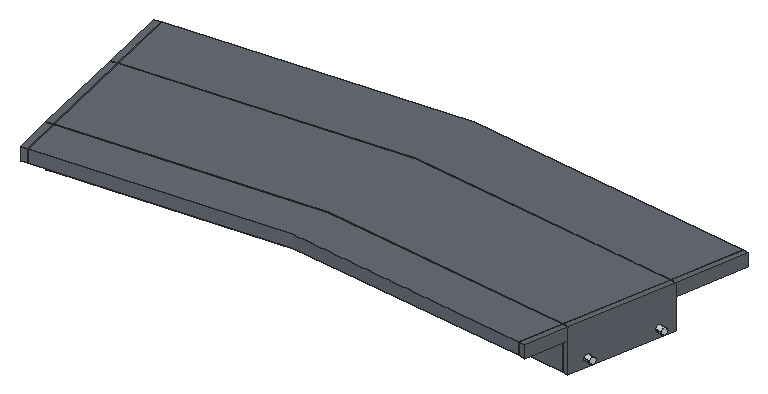
Revit family
Parameters (values of type "PL07 08 5/3")
  Inner Side = 144 mm
  Width = 397 mm
  URL = "http://www.meinertz.com/pictures_org/prodk.pdf"
  Thermal Performance Index = 8
  Thermal Performance Constant = if(Thermal Performance Index = 3, 145, if(Thermal Performance Index = 4, 191, if(Thermal Performance Index = 5, 231, if(Thermal Performance Index = 6, 262, if(Thermal Performance Index = 7, 287, if(Thermal Performance Index = 8, 317, if(Thermal Performance Index = 9, 339, if(Thermal Performance Index = 10, 359, if(Thermal Performance Index = 11, 382, if(Thermal Performance Index = 12, 404, if(Thermal Performance Index = 13, 424, 444)))))))))))  # 317
  Thermal Performance = Thermal Performance Constant * Length / 1000 mm  # 318.9473
  Tapping Depth = if(Tap Radius = 9.5 mm / 2, 13 mm, 17 mm)  # 13 mm
  Tap Radius = 9.5 mm / 2  # 4.75 mm
  R = ((K ^ 2) / (8 * H) + (H / 2))  # 2525 mm
  Outer Side Width = Width - Inner Side - Convector Width  # 74 mm
  Model = "PL07 08 5/3"
  Manufacturer = "Meinertz"  # constant formula
  Length = 2 * 3.14 * R * Alpha / Full Circle  # 1006.143 mm
  Keynote = "PL07 08 5/3"
  K = 1000 mm
  Inner Rad = R - Actual Width  # 2128 mm
  H = 50 mm
  Grill = RAL 7024
  GoGetNo = 6947  # constant formula
  Full Circle = 360.00°  # constant formula
  Frame = RAL 7024
  Flip Convector Side = no
  Depth Outer = if(Flip Convector Side, 20 mm, 70 mm)  # 70 mm
  Depth Inside = if(Flip Convector Side, 70 mm, 20 mm)  # 20 mm
  Count Grill Total = (Width - 13 mm) / 24 mm  # 16
  Count Grill Side 2 = Count Grill Total - Count Grill Main - Count Grill Side 1  # 3
  Count Grill Side 1 = (Inner Side - 13 mm) / 24 mm  # 5
  Count Grill Main = (Convector Width - 11 mm) / 24 mm + 1  # 8
  Convector Width = 179 mm
  Center Rad 2 = Center Rad + Actual Width 2  # 2392 mm
  Center Rad = Inner Rad + Actual Width 1  # 2213 mm
  Alpha = 2 * acos((R - H) / R)  # 22.8424°
  Actual Width 3 = if(Flip Convector Side, Count Grill Side 2 * 24 mm + 13 mm, Count Grill Side 1 * 24 mm + 13 mm)  # 133 mm
  Actual Width 2 = (Count Grill Main - 1) * 24 mm + 11 mm  # 179 mm
  Actual Width 1 = if(Flip Convector Side, Count Grill Side 1 * 24 mm + 13 mm, Count Grill Side 2 * 24 mm + 13 mm)  # 85 mm
  Actual Width = Actual Width 1 + Actual Width 2 + Actual Width 3  # 397 mm
Types (8, lengths in mm): name | Inner Side | Width | Thermal Performance Index | Thermal Performance Constant | Thermal Performance | Outer Side Width | Model | Keynote | Inner Rad | Count Grill Total | Count Grill Side 2 | Count Grill Side 1 | Count Grill Main | Convector Width | Center Rad 2 | Center Rad | Actual Width 3 | Actual Width 2 | Actual Width 1 | Actual Width
  (no name) | 144 | 397 | 8 | 317 | 318.9473 | 74 | "PL07 08 5/3" | "PL07 08 5/3" | 2128 | 16 | 3 | 5 | 8 | 179 | 2392 | 2213 | 133 | 179 | 85 | 397
  PL07 08 5/3 | 144 | 397 | 8 | 317 | 318.9473 | 74 | "PL07 08 5/3" | "PL07 08 5/3" | 2128 | 16 | 3 | 5 | 8 | 179 | 2392 | 2213 | 133 | 179 | 85 | 397
  PL07 09 5/4 | 144 | 445 | 9 | 339 | 341.0825 | 98 | "PL07 09 5/4" | "PL07 09 5/4" | 2080 | 18 | 4 | 5 | 9 | 203 | 2392 | 2189 | 133 | 203 | 109 | 445
  PL07 10 5/5 | 144 | 493 | 10 | 359 | 361.2054 | 122 | "PL07 10 5/5" | "PL07 10 5/5" | 2032 | 20 | 5 | 5 | 10 | 227 | 2392 | 2165 | 133 | 227 | 133 | 493
  PL07 11 6/5 | 168 | 541 | 11 | 382 | 384.3466 | 122 | "PL07 11 6/5" | "PL07 11 6/5" | 1984 | 22 | 5 | 6 | 11 | 251 | 2368 | 2117 | 157 | 251 | 133 | 541
  PL07 12 6/6 | 168 | 589 | 12 | 404 | 406.4818 | 146 | "PL07 12 6/6" | "PL07 12 6/6" | 1936 | 24 | 6 | 6 | 12 | 275 | 2368 | 2093 | 157 | 275 | 157 | 589
  PL07 13 7/6 | 192 | 637 | 13 | 424 | 426.6047 | 146 | "PL07 13 7/6" | "PL07 13 7/6" | 1888 | 26 | 6 | 7 | 13 | 299 | 2344 | 2045 | 181 | 299 | 157 | 637
  PL07 14 7/7 | 192 | 685 | 14 | 444 | 446.7275 | 170 | "PL07 14 7/7" | "PL07 14 7/7" | 1840 | 28 | 7 | 7 | 14 | 323 | 2344 | 2021 | 181 | 323 | 181 | 685
Reference planes
  plane 1 "Center (Front/Back)": y = 0
  plane 2: z = 0
  plane 3 "Center (Left/Right)": x = 0
  plane 4: y = -2475
  plane 5: y = 50
  plane 6: x = -500
  plane 7: x = 500
  plane 8: z = -70
  plane 9: z = -20
Forms (mm)
  Extrusion 1, solid, material "RAL 7024" <- "Grill"
    sketch origin (0, 0, 0) x (1, 0, 0) y (0, 1, 0)
      loop
        line (-450.115, -125.732) -> (-414.667, -301.197)
        arc (-414.667, -301.197) -> (0, -262) -> (414.667, -301.197) r 2213
        line (414.667, -301.197) -> (450.115, -125.732)
        arc (450.115, -125.732) -> (0, -83) -> (-450.115, -125.732) r 2392
    from 0 to -70
  Extrusion 2, solid, material "RAL 7024" <- "Grill"
    sketch origin (0, 0, 0) x (1, 0, 0) y (0, 1, 0)
      loop
        arc (-450.115, -125.732) -> (0, -83) -> (450.115, -125.732) r 2392
        line (450.115, -125.732) -> (473.878, -8.102)
        arc (473.878, -8.102) -> (0, 37) -> (-473.878, -8.102) r 2512
        line (-473.878, -8.102) -> (-450.115, -125.732)
      loop
        line (-414.667, -301.197) -> (-400.409, -371.775)
        arc (-400.409, -371.775) -> (0, -334) -> (400.409, -371.775) r 2141
        line (400.409, -371.775) -> (414.667, -301.197)
        arc (414.667, -301.197) -> (0, -262) -> (-414.667, -301.197) r 2213
    from 0 to -20
  Extrusion 3, solid, material "RAL 7024" <- "Frame"
    sketch origin (0, 0, 0) x (1, 0, 0) y (0, 1, 0)
      loop
        line (-484.677, -10.201) -> (-460.914, -127.827)
        arc (-460.914, -127.827) -> (-455.515, -126.773) -> (-450.115, -125.732) r 2392
        line (-450.115, -125.732) -> (-473.878, -8.102)
        arc (-473.878, -8.102) -> (-479.279, -9.146) -> (-484.677, -10.201) r 2512
      loop
        arc (484.677, -10.201) -> (479.279, -9.146) -> (473.878, -8.102) r 2512
        line (473.878, -8.102) -> (450.115, -125.732)
        arc (450.115, -125.732) -> (455.515, -126.773) -> (460.914, -127.827) r 2392
        line (460.914, -127.827) -> (484.677, -10.201)
      loop
        line (-425.468, -303.285) -> (-411.21, -373.86)
        arc (-411.21, -373.86) -> (-405.811, -372.811) -> (-400.409, -371.775) r 2141
        line (-400.409, -371.775) -> (-414.667, -301.197)
        arc (-414.667, -301.197) -> (-420.069, -302.234) -> (-425.468, -303.285) r 2213
      loop
        arc (425.468, -303.285) -> (420.069, -302.234) -> (414.667, -301.197) r 2213
        line (414.667, -301.197) -> (400.409, -371.775)
        arc (400.409, -371.775) -> (405.811, -372.811) -> (411.21, -373.86) r 2141
        line (411.21, -373.86) -> (425.468, -303.285)
    from 0 to -20
  Extrusion 4, solid, material "RAL 7024" <- "Frame"
    sketch origin (0, 0, 0) x (1, 0, 0) y (0, 1, 0)
      loop
        arc (460.914, -127.827) -> (455.515, -126.773) -> (450.114, -125.732) r 2392
        line (450.114, -125.732) -> (414.667, -301.197)
        arc (414.667, -301.197) -> (420.069, -302.234) -> (425.468, -303.285) r 2213
        line (425.468, -303.285) -> (460.914, -127.827)
      loop
        line (-460.914, -127.827) -> (-425.468, -303.285)
        arc (-425.468, -303.285) -> (-420.069, -302.234) -> (-414.667, -301.197) r 2213
        line (-414.667, -301.197) -> (-450.115, -125.732)
        arc (-450.115, -125.732) -> (-455.515, -126.773) -> (-460.914, -127.827) r 2392
    from 0 to -70
  Extrusion 5, solid
    sketch origin (-460.914, -127.827, -50) x (0.19802, -0.980198, 0) y (0, 0, 1)
      loop
        circle (149.003, -5) r 4.75
    from 0 to 13 <- "Tapping Depth"
  Extrusion 6, solid
    sketch origin (-460.914, -127.827, -50) x (0.19802, -0.980198, 0) y (0, 0, 1)
      loop
        circle (30, -5) r 4.75
    from 0 to 13
  Extrusion 7, solid
    sketch origin (460.914, -127.827, -50) x (-0.19802, -0.980198, 0) y (0, 0, -1)
      loop
        circle (149.003, 5) r 4.75
    from 0 to 13 <- "Tapping Depth"
  Extrusion 8, solid
    sketch origin (460.914, -127.827, -50) x (-0.19802, -0.980198, 0) y (0, 0, -1)
      loop
        circle (30, 5) r 4.75
    from 0 to 13 <- "Tapping Depth"
Lines and regions (mm)
  reference lines
    curve 1: arc (-500, 0, 0) -> (0, 50, 0) -> (500, 0, 0) r 2525
    curve 2: arc (-497.426, -12.743, 0) -> (0, 37, 0) -> (497.426, -12.743, 0) r 2512
    curve 3: arc (-495.248, -23.525, 0) -> (0, 26, 0) -> (495.248, -23.525, 0) r 2501
    curve 4: arc (-473.663, -130.366, 0) -> (0, -83, 0) -> (473.663, -130.366, 0) r 2392
    curve 5: arc (-423.96, -376.396, 0) -> (0, -334, 0) -> (423.96, -376.396, 0) r 2141
    curve 6: arc (-438.218, -305.822, 0) -> (0, -262, 0) -> (438.218, -305.822, 0) r 2213
    curve 7: line (-500, 0, 0) -> (0, -2475, 0)
    curve 8: line (500, 0, 0) -> (0, -2475, 0)
    curve 9: line (-487.251, 2.541, 0) -> (42.452, -2619.488, 0)
    curve 10: line (487.251, 2.541, 0) -> (-41.462, -2614.587, 0)
    curve 11: line (-476.453, 4.641, 0) -> (0, -2353.8, 0)
    curve 12: line (476.453, 4.641, 0) -> (0, -2353.8, 0)
    curve 13: arc (-426.139, -365.614, 0) -> (0, -323, 0) -> (426.139, -365.614, 0) r 2152
    curve 14: arc (-421.386, -389.139, 0) -> (0, -347, 0) -> (421.386, -389.139, 0) r 2128
Dimensions and locks
  "H": plane 5 to plane 1 "Center (Front/Back)"
  "K": plane 6 to plane 7
  equal spacing: plane 6, plane 3 "Center (Left/Right)", plane 7
  "R": plane 5 to plane 4
  locked: curve 7 to curve 9 at 13
  locked: curve 10 to curve 8 at 13
  locked: curve 7 to curve 11 at 24
  locked: curve 12 to curve 8 at 24
  "Depth Outer": plane 2 to plane 8
  "Depth Inside": plane 2 to plane 9
  locked: plane 2 to Extrusion 6 sketch curve at 55
  locked: plane 2 to Extrusion 5 sketch curve at 55
  locked: plane 2 to Extrusion 8 sketch curve at 55
  locked: plane 2 to Extrusion 7 sketch curve at 55
  locked: curve 7 to curve 2 at 13
  locked: curve 7 to curve 3 at 24
  locked: curve 8 to curve 2 at 13
  locked: curve 8 to curve 3 at 24
  locked: curve 14 to curve 5 at 13  (x2)
  locked: curve 14 to curve 13 at 24  (x2)
  "Tap Radius": radius of Extrusion 6 sketch curve
  "Tap Radius": radius of Extrusion 5 sketch curve
  "Tap Radius": radius of Extrusion 8 sketch curve
  "Tap Radius": radius of Extrusion 7 sketch curve
  "Inner Rad": radius of curve 14
  "Center Rad": radius of curve 6
  "Center Rad 2": radius of curve 4
  "R": radius of curve 1
  aligned and locked: level to plane 2
  aligned and locked: plane 1 "Center (Front/Back)" to curve 1  (x2)
  aligned and locked: plane 4 to curve 7
  aligned and locked: Extrusion 1 sketch curve to curve 4
  aligned and locked: Extrusion 2 sketch curve to curve 4
  aligned and locked: curve 11 to Extrusion 2 sketch curve  (x2)
  aligned and locked: Extrusion 2 sketch curve to curve 6
  aligned and locked: curve 12 to Extrusion 2 sketch curve  (x2)
  aligned and locked: Extrusion 3 sketch curve to curve 2  (x2)
  aligned and locked: curve 11 to Extrusion 3 sketch curve  (x2)
  aligned and locked: curve 9 to Extrusion 3 sketch curve  (x2)
  aligned and locked: Extrusion 3 sketch curve to curve 4  (x2)
  aligned and locked: curve 12 to Extrusion 3 sketch curve  (x2)
  aligned and locked: curve 10 to Extrusion 3 sketch curve  (x2)
  aligned and locked: curve 10 to Extrusion 4 sketch curve
  aligned and locked: Extrusion 4 sketch curve to curve 4
  aligned and locked: curve 9 to Extrusion 4 sketch curve
  aligned and locked: curve 11 to Extrusion 4 sketch curve
  aligned and locked: plane 8 to Extrusion 1
  aligned and locked: plane 9 to Extrusion 2
  aligned and locked: Extrusion 4 sketch curve to Extrusion 2  (x4)
  aligned: Extrusion 3 to plane 8
  aligned: Extrusion 4 to plane 9
  aligned and locked: Extrusion 1 sketch curve to curve 6
  aligned and locked: curve 11 to Extrusion 1 sketch curve
  aligned and locked: curve 12 to Extrusion 1 sketch curve
  aligned and locked: Extrusion 3 sketch curve to curve 5  (x2)
  aligned and locked: Extrusion 3 sketch curve to curve 6  (x2)
  aligned and locked: Extrusion 2 sketch curve to curve 2
  aligned and locked: Extrusion 2 sketch curve to curve 5
  aligned and locked: Extrusion 4 to plane 8
  aligned and locked: Extrusion 3 to plane 9
Automatic sketch dimensions
  Extrusion 4 to Extrusion 5 sketch curve = 30 mm
  Extrusion 4 to Extrusion 6 sketch curve = 30 mm
  Extrusion 7 sketch curve to Extrusion 4 = 30 mm
  Extrusion 8 sketch curve to Extrusion 4 = 30 mm
  Extrusion 4 sketch curve to Extrusion 4 sketch curve = 10.801 mm
  Extrusion 4 sketch curve to Extrusion 4 sketch curve = 10.799 mm
  curve 1 to curve 2 = 0 mm
  curve 1 to curve 3 = 0 mm
  curve 1 to curve 4 = 0 mm  (x2)
  curve 1 to curve 5 = 0 mm  (x2)
  curve 1 to curve 6 = 0 mm
  curve 5 to curve 6 = 0 mm
  curve 6 to curve 14 = 0 mm
  curve 13 to curve 14 = 0 mm
  curve 1 to plane 6 = 0 mm
  curve 12 to plane 3 "Center (Left/Right)" = 0 mm
  curve 14 to plane 4 = 0 mm
  curve 10 to plane 3 "Center (Left/Right)" = 41.462 mm
  plane 3 "Center (Left/Right)" to curve 9 = 42.452 mm
Connectors
  piping at (-467.716, -159.807, -55)
    settings: on Extrusion 6, index 3, connector radius 4.8 mm, flow factor 0, pipe flow 0.0 L/s, pressure drop 0.0 Pa, fitting loss kfactor 0, connector angle 0.00°, fixture units 0, flow configuration 1, flow direction 1, fitting loss method 0, system type 22, connector reference index -1, connector utility 0, adjustable connector no, is connector primary yes, fitting loss table "", connector description ""
  piping at (-444.151, -276.453, -55)
    settings: on Extrusion 5, index 4, connector radius 4.8 mm, flow factor 0, pipe flow 0.0 L/s, pressure drop 0.0 Pa, fitting loss kfactor 0, connector angle 0.00°, fixture units 0, flow configuration 1, flow direction 2, fitting loss method 0, system type 22, connector reference index -1, connector utility 0, adjustable connector no, is connector primary no, fitting loss table "", connector description ""
  piping at (444.151, -276.453, -55)
    settings: on Extrusion 7, index 5, connector radius 4.8 mm, flow factor 0, pipe flow 0.0 L/s, pressure drop 0.0 Pa, fitting loss kfactor 0, connector angle 0.00°, fixture units 0, flow configuration 1, flow direction 1, fitting loss method 0, system type 22, connector reference index -1, connector utility 0, adjustable connector no, is connector primary no, fitting loss table "", connector description ""
  piping at (467.716, -159.807, -55)
    settings: on Extrusion 8, index 6, connector radius 4.8 mm, flow factor 0, pipe flow 0.0 L/s, pressure drop 0.0 Pa, fitting loss kfactor 0, connector angle 0.00°, fixture units 0, flow configuration 1, flow direction 2, fitting loss method 0, system type 22, connector reference index -1, connector utility 0, adjustable connector no, is connector primary no, fitting loss table "", connector description ""
